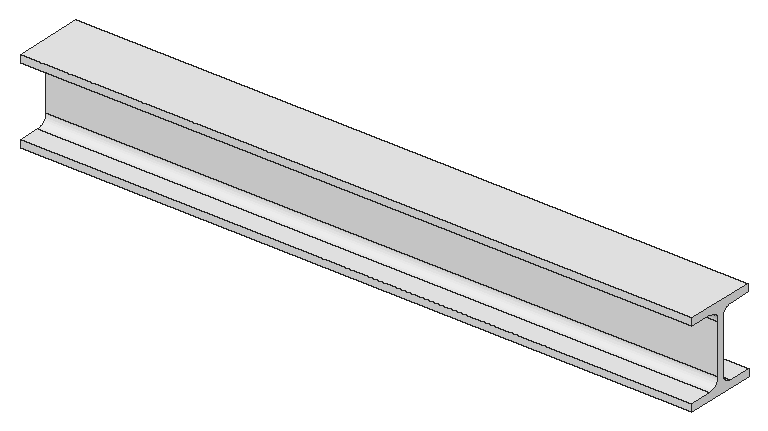
Revit family
Parameters (values of type "RSJ152x127x37")
  Start Extension Calculation [instance] = 3012.5 mm + Start Extension  # 3000 mm
  Start Extension [instance] = -12.5 mm
  End Extension Calculation [instance] = 3012.5 mm + End Extension  # 3000 mm
  End Extension [instance] = -12.5 mm
  Beam Material [instance] = Metal - Steel - 345 MPa
  Assembly Code = ""
  A = 0.005 m²
  Length [instance] = 1500 mm
  W = 0.36481
  bf = 127 mm
  d = 152 mm
  k = 31.2 mm
  kr = k - tf  # 18 mm
  tf = 13.2 mm
  tw = 10.4 mm
Reference planes
  plane 1 "Center (Front/Back)": y = 0
  plane 2: z = 0
  plane 3 "Center (Left/Right)": x = 4.61
  plane 4 "Member Left": x = -604.99
  plane 5 "Member Right": x = 614.21
  plane 6: y = 63.5
  plane 7: y = -63.5
  plane 8 "Top": z = 76
  plane 9: z = -76
  plane 10 "Left": x = -757.39
  plane 11 "Right": x = 742.61
  plane 12: x = -604.99
  plane 13: x = 614.21
  plane 14: x = 2395.01
  plane 15: x = -2385.79
Forms (mm)
  Sweep 1, solid, material "Metal - Steel - 345 MPa" <- "Beam Material", detail levels medium
    path origin (0, 0, 0) x (1, 0, 0) y (0, 1, 0)
      loop
        line (614.21, 0) -> (-604.99, 0)
    profile "M_W-Wide Flange-Profile-Medium : M_W-Wide Flange-Profile-Medium" origin (4.61, 0, 0) x (0, -1, 0) y (0, 0, 1)
      loop
        line (-63.5, -76) -> (63.5, -76) -> (63.5, -62.8) -> (5.2, -62.8) -> (5.2, 62.8) -> (63.5, 62.8) -> (63.5, 76) -> (-63.5, 76) -> (-63.5, 62.8) -> (-5.2, 62.8) -> (-5.2, -62.8) -> (-63.5, -62.8) -> (-63.5, -76)
  Sweep 2, solid, material "Metal - Steel - 345 MPa" <- "Beam Material", detail levels fine
    path origin (0, 0, 0) x (1, 0, 0) y (0, 1, 0)
      loop
        line (614.21, 0) -> (-604.99, 0)
    profile "M_W-Wide Flange-Profile-Fine : M_W-Wide Flange-Profile-Fine" origin (4.61, 0, 0) x (0, -1, 0) y (0, 0, 1)
      loop
        line (-63.5, -76) -> (63.5, -76) -> (63.5, -62.8) -> (23.2, -62.8)
        arc (23.2, -62.8) -> (10.472, -57.528) -> (5.2, -44.8) r 18
        line (5.2, -44.8) -> (5.2, 44.8)
        arc (5.2, 44.8) -> (10.472, 57.528) -> (23.2, 62.8) r 18
        line (23.2, 62.8) -> (63.5, 62.8) -> (63.5, 76) -> (-63.5, 76) -> (-63.5, 62.8) -> (-23.2, 62.8)
        arc (-23.2, 62.8) -> (-10.472, 57.528) -> (-5.2, 44.8) r 18
        line (-5.2, 44.8) -> (-5.2, -44.8)
        arc (-5.2, -44.8) -> (-10.472, -57.528) -> (-23.2, -62.8) r 18
        line (-23.2, -62.8) -> (-63.5, -62.8) -> (-63.5, -76)
Lines and regions (mm)
  symbolic lines, style "Hidden Faces", detail levels medium+fine
    curve 1: line (614.21, -5.2, 0) -> (-604.99, -5.2, 0)
    curve 2: line (614.21, 5.2, 0) -> (-604.99, 5.2, 0)
  symbolic lines, style "Stick Symbols", detail levels coarse
    curve 3: line (4.61, 63.5, 76) -> (4.61, -63.5, 76)
    curve 4: line (4.61, -63.5, -76) -> (4.61, 63.5, -76)
    curve 5: line (4.61, 0, 76) -> (4.61, 0, -76)
Dimensions and locks
  "bf": plane 6 to plane 7
  "d": plane 9 to plane 8 "Top"
  equal spacing: plane 9, plane 2, plane 8 "Top"
  equal spacing: plane 6, plane 1 "Center (Front/Back)", plane 7
  "Length": plane 10 "Left" to plane 11 "Right"
  "tw": curve 2 to curve 1
  equal spacing: curve 2, plane 1 "Center (Front/Back)", curve 1
  locked: plane 4 "Member Left" to plane 14 at 3000
  locked: plane 15 to plane 5 "Member Right" at 3000
  "End Extension Calculation": plane 15 to plane 13
  "Start Extension Calculation": plane 12 to plane 14
  aligned and locked: Sweep 1 sketch curve to plane 1 "Center (Front/Back)"
  aligned and locked: Sweep 2 sketch curve to plane 1 "Center (Front/Back)"
  aligned and locked: Sweep 2 to curve 3  (x2)
  aligned and locked: Sweep 2 to curve 4  (x2)
  aligned and locked: curve 3 to Sweep 2
  aligned and locked: curve 4 to Sweep 2
  aligned and locked: plane 12 to Sweep 2 sketch curve
  aligned and locked: plane 13 to Sweep 2 sketch curve
  aligned and locked: plane 12 to Sweep 1 sketch curve
  aligned and locked: plane 13 to Sweep 1 sketch curve
  aligned and locked: plane 12 to curve 2
  aligned and locked: plane 12 to curve 1
  aligned and locked: plane 13 to curve 2
  aligned and locked: plane 13 to curve 1
Automatic sketch dimensions
  curve 5 to plane 1 "Center (Front/Back)" = 0 mm
